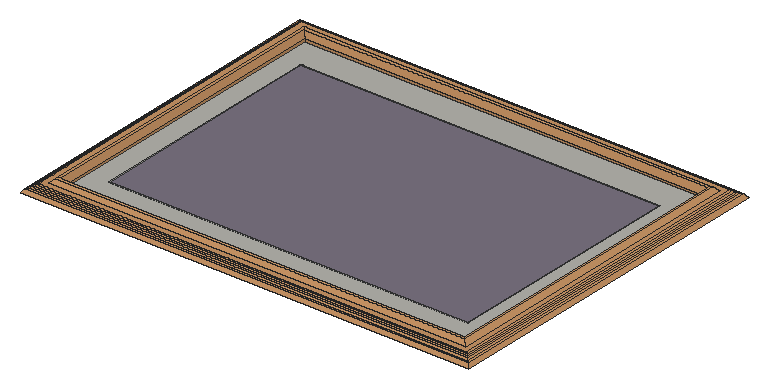
Revit family "f30dd5de-d1a9-4d36-a62a-1ac4835c79c4", category Furniture, host Face, Revit 2016
Family settings
  Host = Face
  OmniClass Number = 23.40.95.00
  OmniClass Title = Furnishings, Ornaments, and Decoration
  Cut with Voids When Loaded = No
  Shared = No
  Room Calculation Point = No
Parameters (values of type "35" x 45"")
  Width = 3' - 9"
  URL = "http://besafeprod.com/"
  Type Image = <None>
  Type Comments = ""
  Product Page URL = "http://besafeprod.com/product-catalog/art-frames"
  Product Documentation Link = "http://besafeprod.com/images/art-fram_profile.jpg"
  Notes = "Images include watermark. For clean images, contact Behavorial Safety Products"  # constant formula
  Model = "AF550"  # constant formula
  Mat Finish = Paper-BSP-White Mat
  Manufacturer = "Behavioral Safety Products"  # constant formula
  Keynote = ""
  Image Width = 3' - 0"
  Image Height = 2' - 0"
  Height = 2' - 11"
  Front Protection Finish = Polycarbonate-BSP-Clear
  Frame Finish = Wood-BSP-Cherry
  Description = "Ligature Resistant Art Frame"  # constant formula
  Depth = 0' - 1 1/8"  # constant formula
  Default Elevation = 4' - 6"
  Assembly Code = ""
  Art Selection = Image-1 : 24x36
  Art Note = "Frame 37x31 uses 16x20 Image, Frame 31x39 uses 20x30 Image, Frame 35x45 uses 24x36 Image"  # constant formula
Types (4): name | Width | Image Width | Image Height | Height | Art Selection
  (no name) | 3' - 3" | 2' - 6" | 1' - 8" | 2' - 7" | Image-1 : 20x30
  35" x 45" | 3' - 9" | 3' - 0" | 2' - 0" | 2' - 11" | Image-1 : 24x36
  27" x 31" | 2' - 7" | 1' - 8" | 1' - 4" | 2' - 3" | Image-1 : 16x20
  31" x 39" | 3' - 3" | 2' - 6" | 1' - 8" | 2' - 7" | Image-1 : 20x30
Reference planes (in)
  plane 1 "Center (Front/Back)": y = 12.5
  plane 2: z = 0
  plane 3 "Center (Left/Right)": x = -9.5
  plane 4: x = -32
  plane 5: x = 13
  plane 6: y = -5
  plane 7: y = 30
  plane 8: x = -27.5
  plane 9: x = 8.5
  plane 10: y = 0.5
  plane 11: y = 24.5
Forms (in)
  Sweep 1, solid, material "Wood-BSP-Cherry" <- "Frame Finish", detail levels medium+fine
    path origin (0, 0, 0) x (1, 0, 0) y (0, 1, 0)
      loop
        line (-32, 30) -> (-32, -5) -> (13, -5) -> (13, 30) -> (-32, 30)
    profile "Art_Frame-Profile : Art_Frame-Profile" origin (-9.5, 30, 0) x (0, 1, 0) y (0, 0, 1)
      loop
        line (0, 0) -> (-0.25, 0.3125) -> (-0.41399, 0.4034)
        arc (-0.41399, 0.4034) -> (-0.51102, 0.42173) -> (-0.57798, 0.4943) r 0.15721
        line (-0.57798, 0.4943) -> (-0.68731, 0.5549)
        arc (-0.68731, 0.5549) -> (-0.78434, 0.57323) -> (-0.8513, 0.64581) r 0.15721
        line (-0.8513, 0.64581) -> (-1.01529, 0.73671) -> (-1.57779, 0.73671) -> (-2.00232, 1.09293)
        arc (-2.00232, 1.09293) -> (-2.12273, 1.12128) -> (-2.21715, 1.04135) r 0.13742
        line (-2.21715, 1.04135) -> (-2.5, 0.375) -> (-2.5, 0.1875) -> (-2.25, 0.1875) -> (-2.25, 0) -> (0, 0)
  Extrusion 2, solid, material "Wood-BSP-Cherry" <- "Frame Finish", detail levels coarse
    sketch origin (0, 0, 0) x (1, 0, 0) y (0, 1, 0)
      loop
        line (-32, 30) -> (-32, -5) -> (13, -5) -> (13, 30) -> (-32, 30)
      loop
        line (-29.5, 27.5) -> (-29.5, -2.5) -> (10.5, -2.5) -> (10.5, 27.5) -> (-29.5, 27.5)
    from 0 to 1.125
  Extrusion 3, solid, material "Wood-BSP-Cherry" <- "Frame Finish", detail levels medium+fine
    sketch origin (0, 0, 0) x (1, 0, 0) y (0, 1, 0)
      loop
        line (-29.75, 27.75) -> (-29.75, -2.75) -> (10.75, -2.75) -> (10.75, 27.75) -> (-29.75, 27.75)
    from 0 to 0.0625
  Extrusion 4, solid, material "Paper-BSP-White Mat" <- "Mat Finish", detail levels medium+fine
    sketch origin (0, 0, 0) x (1, 0, 0) y (0, 1, 0)
      loop
        line (-29.75, 27.75) -> (-29.75, -2.75) -> (10.75, -2.75) -> (10.75, 27.75) -> (-29.75, 27.75)
      loop
        line (-27.5, 24.5) -> (-27.5, 0.5) -> (8.5, 0.5) -> (8.5, 24.5) -> (-27.5, 24.5)
    from 0.0625 to 0.09375
  Extrusion 5, solid, material "Polycarbonate-BSP-Clear" <- "Front Protection Finish"
    sketch origin (0, 0, 0) x (1, 0, 0) y (0, 1, 0)
      loop
        line (-29.75, 27.75) -> (-29.75, -2.75) -> (10.75, -2.75) -> (10.75, 27.75) -> (-29.75, 27.75)
    from 0.09375 to 0.1875
Lines and regions (in)
  Masking region 1, detail levels medium
    outline origin (0, 12.5, 0) x (1, 0, 0) y (0, 0, 1)
      loop
        line (-32, 0) -> (13, 0) -> (13, 1.125) -> (-32, 1.125) -> (-32, 0)
  Masking region 2, detail levels fine
    outline origin (0, 12.5, 0) x (1, 0, 0) y (0, 0, 1)
      loop
        line (-31.75, 0.3125) -> (-32, 0) -> (13, 0) -> (12.75, 0.3125) -> (12.58601, 0.4034)
        arc (12.58601, 0.4034) -> (12.48898, 0.42173) -> (12.42202, 0.4943) r 0.15721
        line (12.42202, 0.4943) -> (12.31269, 0.5549)
        arc (12.31269, 0.5549) -> (12.21566, 0.57323) -> (12.1487, 0.64581) r 0.15721
        line (12.1487, 0.64581) -> (11.98471, 0.73671) -> (11.42221, 0.73671) -> (10.99768, 1.09293)
        arc (10.99768, 1.09293) -> (10.87727, 1.12128) -> (10.78285, 1.04135) r 0.13742
        line (10.78285, 1.04135) -> (10.65354, 0.73671) -> (-29.65354, 0.73671) -> (-29.78285, 1.04135)
        arc (-29.78285, 1.04135) -> (-29.87727, 1.12128) -> (-29.99768, 1.09293) r 0.13742
        line (-29.99768, 1.09293) -> (-30.42221, 0.73671) -> (-30.98471, 0.73671) -> (-31.1487, 0.64581)
        arc (-31.1487, 0.64581) -> (-31.21566, 0.57323) -> (-31.31269, 0.5549) r 0.15721
        line (-31.31269, 0.5549) -> (-31.42202, 0.4943)
        arc (-31.42202, 0.4943) -> (-31.48898, 0.42173) -> (-31.58601, 0.4034) r 0.15721
        line (-31.58601, 0.4034) -> (-31.75, 0.3125)
  symbolic lines, style "Art Frame-Course", detail levels coarse
    curve 1: line (13, 12.5, 1.125) -> (-32, 12.5, 1.125)
Dimensions and locks (in)
  equal spacing: plane 7, plane 1 "Center (Front/Back)", plane 6
  "Height": plane 7 to plane 6
  equal spacing: plane 4, plane 3 "Center (Left/Right)", plane 5
  "Width": plane 4 to plane 5
  "Depth": Extrusion 2 to Extrusion 2
  locked: Extrusion 3 to Extrusion 3 at 0.0625
  equal spacing: plane 11, plane 1 "Center (Front/Back)", plane 10
  "Image Height": plane 11 to plane 10
  equal spacing: plane 8, plane 3 "Center (Left/Right)", plane 9
  "Image Width": plane 8 to plane 9
  locked: Extrusion 4 to Extrusion 4 at 0.03125
  aligned and locked: plane 2 to host face
  aligned and locked: level to host face
  aligned and locked: Sweep 1 sketch curve to plane 7
  aligned and locked: plane 4 to Sweep 1 sketch curve
  aligned and locked: plane 6 to Sweep 1 sketch curve
  aligned and locked: Sweep 1 sketch curve to plane 5
  aligned and locked: Extrusion 2 sketch curve to Sweep 1  (x6)
  aligned and locked: plane 6 to Extrusion 2 sketch curve
  aligned and locked: Extrusion 2 sketch curve to plane 5
  aligned and locked: Extrusion 3 sketch curve to Sweep 1  (x4)
  aligned and locked: Extrusion 3 to level
  aligned and locked: Extrusion 4 sketch curve to Sweep 1  (x4)
  aligned and locked: Extrusion 4 sketch curve to plane 11
  aligned and locked: plane 10 to Extrusion 4 sketch curve
  aligned and locked: Extrusion 5 sketch curve to Sweep 1  (x4)
  aligned and locked: Extrusion 5 to Sweep 1
  aligned and locked: curve 1 to Extrusion 2
  aligned and locked: plane 4 to curve 1
  aligned and locked: plane 5 to curve 1
  aligned and locked: Masking region 1 sketch curve to Sweep 1
  aligned and locked: Masking region 1 sketch curve to Extrusion 2  (x3)
  aligned and locked: Masking region 2 sketch curve to Sweep 1  (x16)
  aligned and locked: Sweep 1 to Masking region 2 sketch curve  (x3)
  aligned and locked: host face to Masking region 2 sketch curve
  aligned and locked: plane 3 "Center (Left/Right)" to nested 1
  aligned and locked: plane 1 "Center (Front/Back)" to nested 1
  aligned and locked: Extrusion 4 to nested 1
Automatic sketch dimensions
  host sketch curve to host sketch curve = 8' - 0"  (x2)
  level to curve 1 = 0' - 1 1/8"
  Masking region 2 sketch curve to Masking region 2 sketch curve = 0' - 0.1265"
  Masking region 2 sketch curve to Masking region 2 sketch curve = 0' - 0.42453"
  level to Masking region 2 sketch curve = 0' - 1.04135"
  Masking region 2 sketch curve to Masking region 2 sketch curve = 0' - 0.08833"
  Masking region 2 sketch curve to Masking region 2 sketch curve = 0' - 0.12931"
  Masking region 2 sketch curve to Masking region 2 sketch curve = 0' - 0.35622"
  Extrusion 4 sketch curve to plane 8 = 0' - 0"
  Extrusion 4 sketch curve to plane 9 = 0' - 0"
  plane 4 to Extrusion 4 sketch curve = 0' - 2 1/4"
Nested families (in)
  nested 1: "Image-1" at (-9.5, 12.5, 0.0625), type <- "Art Selection", type "24x36"
    with Width 3' - 0", Height 2' - 0"
Definition of nested family "Image-1"
  Parameters
    Width = 2' - 6"
    Image = none
    Height = 1' - 8"
  Reference planes (in)
    plane 1 "Center (Front/Back)": y = 0
    plane 2: z = 0
    plane 3 "Center (Left/Right)": x = 0
    plane 4: x = -15
    plane 5: x = 15
    plane 6: y = 10
    plane 7: y = -10
  Forms (in)
    Extrusion 1, solid, material <- "Image"
      sketch origin (0, 0, 0) x (1, 0, 0) y (0, 1, 0)
        loop
          line (-15, 10) -> (-15, -10) -> (15, -10) -> (15, 10) -> (-15, 10)
      from 0 to 0.03125
  Dimensions and locks (in)
    equal spacing: plane 6, plane 1 "Center (Front/Back)", plane 7
    "Height": plane 6 to plane 7
    equal spacing: plane 4, plane 3 "Center (Left/Right)", plane 5
    "Width": plane 4 to plane 5
    locked: Extrusion 1 to Extrusion 1 at 0.03125
    aligned and locked: plane 2 to level
    aligned and locked: Extrusion 1 sketch curve to plane 6
    aligned and locked: plane 4 to Extrusion 1 sketch curve
    aligned and locked: plane 7 to Extrusion 1 sketch curve
    aligned and locked: Extrusion 1 sketch curve to plane 5
